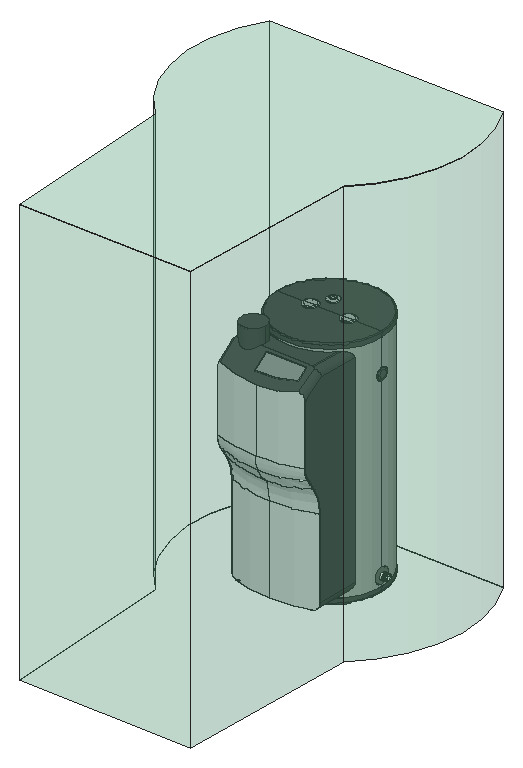
Revit family "Innovo FR_IR 24 285 FR NAT", category Mechanical Equipment, Revit 2015
Parameters (values of type "IR-24-285 FR NAT")
  largeur d'emballage = 786 mm  # constant formula
  l'Intervalle d'Entretien = "12 mois"  # constant formula
  Workspace Radius = Diameter + 170 mm  # 730 mm
  Workspace Height = Hauteur + 1000 mm  # 2270 mm
  Workspace Front Distance = 1000 mm
  Workspace [instance] = yes
  Valve Height 02 = if(and(Hauteur = 1745 mm, Diameter = 675 mm), 1518 mm, if(and(Hauteur = 1745 mm, Diameter = 610 mm), 1534 mm, if(Hauteur = 1545 mm, 1328 mm, 1070 mm)))  # 1070 mm
  Valve Height 01 = if(and(Diameter > 560 mm), 693 mm, 604 mm)  # 604 mm
  Valeur Maximale du Thermostat de Régulation = 85 °C  # constant formula
  Valeur Manimale du Thermostat de Régulation = 40 °C  # constant formula
  Valeur Défaut du Thermostat de Régulation = 65 °C  # constant formula
  URL = "www.aosmith.fr"
  Type d'Installation = "B23/C13/C33/C43/C53/C63"  # constant formula
  Type d'emballage = "Carton et bois"  # constant formula
  Tension d'Alimentation (-15%, +10%) = 230 V  # constant formula
  Température Maximale des Fumées = 45 °C
  Temps de réchauffement à ΔT = 70°C = "42"
  Temps de réchauffement à ΔT = 55°C = "34"
  Temps de réchauffement à ΔT = 50°C = "31"
  Temps de réchauffement à ΔT = 44°C = "27"
  Temps de réchauffement à ΔT = 28°C = "17"
  Spécifications du Produit = ""
  Réglages du thermostat du chauffe-eau = 65 °C  # constant formula
  Réglage Standard Pour = "G20/G25"
  Rendement Saisonnier (Hs) = [Rendement (Hs, acc. NEN-EN 89 - 1999)]  # 96
  Rendement (Hs, acc. NEN-EN 89 - 1999) = 96
  Rendement (Hi, acc. NEN-EN 89 - 1999) = 107
  Raccord Évacuation de la Condensation = 40 mm  # constant formula
  Raccord de la Soupape de Vidange = 3/4"
  Raccord de Sortie d'Eau Chaude = 3/4"
  Raccord de Gaz = 15"  # constant formula
  Raccord d'Alimentation en Eau Froide = 3/4"  # constant formula
  Raccord Robinet de Vidange = 3/4"  # constant formula
  Puissance Électrique Absorbée (sommet) = 85 W
  Puissance Électrique Absorbée (nominal) = 25 W
  Profondeur d'emballage = 946 mm  # constant formula
  Profondeur = 780 mm  # constant formula
  Profils de soutirage déclaré = "XL"
  Production Nominale = "11700.0/11300.0"
  Pression de Fonctionnement Maximale = 800000.0 Pa  # constant formula
  Pression Différentielle d'Ouverture de l'Interrupteur de Pression < = 115.0 Pa
  Pression Amont de Gaz = "2000/2500 Pa"
  Precaustions during assembling, installation or maintenance = "voir Manuel d'installation, d'emploi er d'entretien"  # constant formula
  Poids à vide = 95 kg
  Poids de Transport = 114 kg
  Phase = 1
  Pertes en Veille - tous les jours (24h) = 0 W
  Pertes en Veille = 0 W
  Nombre de modèle du produit (EAN) = "8717449285913"
  Niveau du Son dB (A) = "<45"  # constant formula
  Niveau de puissance acoustique à l'intérieur = "41 dB"
  NOx-émissions mg/kWh = "22.0/23.0"
  NOx-émissions (ven air, 0% O2) ppm = "14.0/14.0"
  Modèdele = "IR-12-160"
  Model = "IR-12-160 FR NAT"
  Marque commerciale = "A.O. Smith"  # constant formula
  Manufacturer = "A.O. Smith Water Products Company b.v."  # constant formula
  Largeur = Diameter  # 560 mm
  La commande intelligente = no
  L'efficacité énergétique pour le chauffage de l'eau (2) = "-"
  L'efficacité énergétique pour le chauffage de l'eau (1) = "92%"
  Hauteur du Raccordement au Gaz = 860 mm
  Hauteur de la Sortie d'eau Chaude = 1270 mm
  Hauteur de l'Alimentation en eau Froide = 170 mm
  Hauteur d'emballage = 1465 mm
  Hauteur Conduit d'Évacuation des Fumées = 1295 mm
  Hauteur Conduit d'Alimentation en Air = 1295 mm
  Hauteur = 1270 mm
  Guide de Produit = ""
  Garantie sur la Cuve = "36 mois"  # constant formula
  Garantie Pièces = "12 mois"  # constant formula
  Fréquence secteur = 50 Hz  # constant formula
  Forctionner qu'en heures creuses = no
  Fabricant No. = "E 7110"  # constant formula
  Epaisseur d'Isolation = 50 mm
  Débit de vidage à ΔT = 70°C après 90 min. = 270.0 L
  Débit de vidage à ΔT = 70°C après 60 min. = 200.0 L
  Débit de vidage à ΔT = 70°C après 30 min. = 120.0 L
  Débit de vidage à ΔT = 70°C après 120 min. = 340.0 L
  Débit de vidage à ΔT = 55°C après 90 min. = 370.0 L
  Débit de vidage à ΔT = 55°C après 60 min. = 270.0 L
  Débit de vidage à ΔT = 55°C après 30 min. = 180.0 L
  Débit de vidage à ΔT = 55°C après 120 min. = 460.0 L
  Débit de vidage à ΔT = 50°C après 90 min. = 410.0 L
  Débit de vidage à ΔT = 50°C après 60 min. = 310.0 L
  Débit de vidage à ΔT = 50°C après 30 min. = 210.0 L
  Débit de vidage à ΔT = 50°C après 120 min. = 510.0 L
  Débit de vidage à ΔT = 44°C après 90 min. = 480.0 L
  Débit de vidage à ΔT = 44°C après 60 min. = 360.0 L
  Débit de vidage à ΔT = 44°C après 30 min. = 250.0 L
  Débit de vidage à ΔT = 44°C après 120 min. = 590.0 L
  Débit de vidage à ΔT = 28°C après 90 min. = 780.0 L
  Débit de vidage à ΔT = 28°C après 60 min. = 600.0 L
  Débit de vidage à ΔT = 28°C après 30 min. = 420.0 L
  Débit de vidage à ΔT = 28°C après 120 min. = 960.0 L
  Débit de vidage en Continu à ΔT = 70°C = 150.0 L/s
  Débit de vidage en Continu à ΔT = 55°C = 190.0 L/s
  Débit de vidage en Continu à ΔT = 50°C = 200.0 L/s
  Débit de vidage en Continu à ΔT = 44°C = 230.0 L/s
  Débit de vidage en Continu à ΔT = 28°C = 360.0 L/s
  Diamètre Cheminée - Système Parallèle = "2x80"  # constant formula
  Diamètre Cheminée - Système Concentrique = "80/125 mm/mm"  # constant formula
  Diamètre Cheminée - Boiler = "80/125 mm/mm"  # constant formula
  Diameter = 560 mm
  Destination / Country = "France"  # constant formula
  Description = "Préparateur ECS Solaire en Combinaison avec Réservoir de Stockage"  # constant formula
  D'autres profils de soutirage = "-"
  Created By = "http://www.cadcompany.nl/"
  Consommation de Gaz - Volume ltr/hr = "1.20/1.30"
  Consommation de Gaz - Masse kg/h = "a/p"
  Class d'efficacité énergétique (2) = "-"
  Class d'efficacité énergétique (1) = "A"  # constant formula
  Charge Nominale (Valeur Supérieure) = "12100.0/12100.0"
  Charge Nominale (Valeur Inférieure) = "10900.0/10600.0"
  Charge Maximale au Sol = 274 kg
  Catégorie de Gaz = "II2Esi3P"  # constant formula
  Capacité = 160.0 L
  CO2 Émissions (tol. +/- 1.0) vol% = "9.3/9.3"
  CE-PIN = "0063CQ3037"  # constant formula
  BIM Content Developer = "CAD & Company"  # constant formula
  Assembly Code = "D3010"
  Annual fuel consumption (2) = "-"
  Annual fuel consumption (1) = "16 GJ GCV"
  Annual electricity consumption (2) = "-"
  Annual electricity consumption (1) = "38 kWh"
  2ème Entretien (Entretien Général) = "12 mois après l'installation"  # constant formula
  1er Entretien (check-up) = "3 mois après l'installation"  # constant formula
Reference planes
  plane 1 "Center (Front/Back)": y = 0
  plane 2: z = 0
  plane 3 "Center (Left/Right)": x = 0
  plane 4 "Pipe": through (-383.901, 912.349, 194.799) normal (-0.0879, -0.0879, 0.9923)
  plane 5 "footing": y = 118.925
  plane 6 "footing front": y = -237.85
  plane 7: x = -280
  plane 8: x = 280
  plane 9: z = 1270
Forms (mm)
  Revolve 1, solid, material "RAL 9005", detail levels medium+fine
    sketch origin (0, -237.85, 0) x (-1, 0, 0) y (0, 0, 1)
      loop
        line (0, 28.9) -> (-15, 28.9) -> (-15, 26.4) -> (-8.671, 26.4) -> (-8.671, 18) -> (-5.686, 18) -> (-6.626, 17.06) -> (-6.626, 12.06) -> (-8.671, 12.06) -> (-8.671, 10) -> (-10.031, 10) -> (-23.271, 5.181)
        arc (-23.271, 5.181) -> (-23.763, 4.836) -> (-24.017, 4.293) r 1.159
        line (-24.017, 4.293) -> (-24.017, 1.03)
        arc (-24.017, 1.03) -> (-23.715, 0.302) -> (-22.986, 0) r 1.03
        line (-22.986, 0) -> (0, 0) -> (0, 28.9)
      axis (0, 28.9) -> (0, 0)
    angle from 0 to 360
  Revolve 2, solid, material "RAL 9005", detail levels medium+fine
    sketch origin (0, 118.925, 0) x (-1, 0, 0) y (0, 0, 1)
      loop
        line (-180.984, 28.9) -> (-195.984, 28.9) -> (-195.984, 26.4) -> (-189.655, 26.4) -> (-189.655, 18) -> (-186.67, 18) -> (-187.61, 17.06) -> (-187.61, 12.06) -> (-189.655, 12.06) -> (-189.655, 10) -> (-191.015, 10) -> (-204.256, 5.181)
        arc (-204.256, 5.181) -> (-204.747, 4.836) -> (-205.001, 4.293) r 1.159
        line (-205.001, 4.293) -> (-205.001, 1.03)
        arc (-205.001, 1.03) -> (-204.699, 0.302) -> (-203.971, 0) r 1.03
        line (-203.971, 0) -> (-180.984, 0) -> (-180.984, 28.9)
      axis (-180.984, 28.9) -> (-180.984, 0)
    angle from 0 to 360
  Revolve 3, solid, material "RAL 9005", detail levels medium+fine
    sketch origin (0, 118.925, 0) x (-1, 0, 0) y (0, 0, 1)
      loop
        line (179.016, 28.9) -> (164.016, 28.9) -> (164.016, 26.4) -> (170.345, 26.4) -> (170.345, 18) -> (173.33, 18) -> (172.39, 17.06) -> (172.39, 12.06) -> (170.345, 12.06) -> (170.345, 10) -> (168.985, 10) -> (155.744, 5.181)
        arc (155.744, 5.181) -> (155.253, 4.836) -> (154.999, 4.293) r 1.159
        line (154.999, 4.293) -> (154.999, 1.03)
        arc (154.999, 1.03) -> (155.301, 0.302) -> (156.029, 0) r 1.03
        line (156.029, 0) -> (179.016, 0) -> (179.016, 28.9)
      axis (179.016, 28.9) -> (179.016, 0)
    angle from 0 to 360
Lines and regions (mm)
  symbolic lines
    curve 1: line (0, 280.06, 0) -> (0, -280.06, 0)
    curve 2: line (-255.06, 0, 0) -> (255.06, 0, 0)
  symbolic lines, style "Workspace"
    curve 3: line (623.261, 380.06, 0) -> (-623.261, 380.06, 0)
    curve 4: arc (-623.261, 380.06, 0) -> (-726.942, -66.745, 0) -> (-543.632, -487.2, 0) r 730
    curve 5: line (-543.632, -487.2, 0) -> (-396.783, -1492.825, 0)
    curve 6: line (-396.783, -1492.825, 0) -> (399.03, -1492.825, 0)
    curve 7: line (399.03, -1492.825, 0) -> (545.76, -484.816, 0)
    curve 8: arc (545.76, -484.816, 0) -> (727.087, -65.154, 0) -> (623.261, 380.06, 0) r 730
Dimensions and locks
  plane 5 "footing" to plane 1 "Center (Front/Back)" = 118.925 mm
  plane 1 "Center (Front/Back)" to plane 6 "footing front" = 237.85 mm
  "Diameter": plane 7 to plane 8
  equal spacing: plane 7, plane 3 "Center (Left/Right)", plane 8
  "Hauteur": plane 9 to plane 2
  "Workspace Front Distance": curve 6 to nested 3
  "Workspace Radius": radius of curve 4
  "Workspace Radius": radius of curve 8
  aligned and locked: level to plane 2
  aligned and locked: nested 3 to Revolve 1 sketch curve
  aligned and locked: plane 3 "Center (Left/Right)" to Revolve 1 sketch curve
  aligned and locked: nested 3 to plane 1 "Center (Front/Back)"
  aligned and locked: plane 3 "Center (Left/Right)" to nested 3
  aligned and locked: nested 1 to plane 8
  aligned and locked: nested 5 to plane 8
  aligned and locked: nested 2 to plane 7
  aligned and locked: nested 4 to plane 7
  aligned and locked: nested 7 to plane 7
  aligned and locked: nested 8 to plane 3 "Center (Left/Right)"
  aligned and locked: nested 8 to nested 3
  aligned and locked: curve 3 to nested 8
Automatic sketch dimensions
  Revolve 1 sketch curve to level = 0 mm
  plane 3 "Center (Left/Right)" to Revolve 1 sketch curve = 5.686 mm
  Revolve 1 sketch curve to Revolve 1 sketch curve = 0.94 mm  (x2)
  Revolve 1 sketch curve to Revolve 1 sketch curve = 2.046 mm  (x2)
  Revolve 1 sketch curve to Revolve 1 sketch curve = 1.359 mm
  Revolve 1 sketch curve to Revolve 1 sketch curve = 6.329 mm
  level to Revolve 1 sketch curve = 4.091 mm
  Revolve 1 sketch curve to Revolve 1 sketch curve = 12.844 mm
  level to Revolve 1 sketch curve = 1.03 mm
  Revolve 1 sketch curve to Revolve 1 sketch curve = 0.111 mm
  level to Revolve 1 sketch curve = 5.181 mm
  Revolve 1 sketch curve to Revolve 1 sketch curve = 0.745 mm
  level to Revolve 1 sketch curve = 10 mm
  Revolve 1 sketch curve to Revolve 1 sketch curve = 2.06 mm
  Revolve 1 sketch curve to Revolve 1 sketch curve = 5 mm
  Revolve 1 sketch curve to Revolve 1 sketch curve = 8.4 mm
  Revolve 1 sketch curve to Revolve 1 sketch curve = 2.5 mm
  Revolve 1 sketch curve to level = 19.635 mm
  Revolve 1 sketch curve to Revolve 1 sketch curve = 46.465 mm
  Revolve 2 sketch curve to level = 0 mm
  level to Revolve 2 sketch curve = 1.03 mm
  Revolve 2 sketch curve to plane 8 = 74.999 mm
  level to Revolve 2 sketch curve = 5.181 mm
  Revolve 2 sketch curve to Revolve 2 sketch curve = 0.745 mm
  Revolve 2 sketch curve to Revolve 2 sketch curve = 0.397 mm
  Revolve 2 sketch curve to Revolve 2 sketch curve = 8.271 mm
  Revolve 2 sketch curve to Revolve 2 sketch curve = 13.241 mm
  Revolve 2 sketch curve to Revolve 2 sketch curve = 1.359 mm
  Revolve 2 sketch curve to Revolve 2 sketch curve = 6.329 mm
  Revolve 2 sketch curve to Revolve 2 sketch curve = 2.046 mm
  level to Revolve 2 sketch curve = 18 mm
  Revolve 2 sketch curve to Revolve 2 sketch curve = 0.94 mm  (x2)
  Revolve 2 sketch curve to Revolve 2 sketch curve = 8.671 mm
  Revolve 2 sketch curve to Revolve 2 sketch curve = 1.089 mm
  Revolve 2 sketch curve to Revolve 2 sketch curve = 8 mm
  Revolve 2 sketch curve to Revolve 2 sketch curve = 2.06 mm
  Revolve 2 sketch curve to Revolve 2 sketch curve = 8.4 mm
  Revolve 2 sketch curve to Revolve 2 sketch curve = 2.5 mm
  Revolve 2 sketch curve to Revolve 2 sketch curve = 0 mm
  Revolve 2 sketch curve to level = 19.635 mm
  Revolve 2 sketch curve to Revolve 2 sketch curve = 46.465 mm
  Revolve 3 sketch curve to level = 0 mm
  level to Revolve 3 sketch curve = 1.03 mm
  Revolve 3 sketch curve to plane 7 = 125.001 mm
  level to Revolve 3 sketch curve = 5.181 mm
  Revolve 3 sketch curve to Revolve 3 sketch curve = 0.745 mm
  Revolve 3 sketch curve to Revolve 3 sketch curve = 0.397 mm
  Revolve 3 sketch curve to Revolve 3 sketch curve = 8.271 mm
  Revolve 3 sketch curve to Revolve 3 sketch curve = 13.241 mm
  Revolve 3 sketch curve to Revolve 3 sketch curve = 1.359 mm
  Revolve 3 sketch curve to Revolve 3 sketch curve = 6.329 mm
  Revolve 3 sketch curve to Revolve 3 sketch curve = 2.046 mm
  level to Revolve 3 sketch curve = 18 mm
  Revolve 3 sketch curve to Revolve 3 sketch curve = 0.94 mm  (x2)
  Revolve 3 sketch curve to Revolve 3 sketch curve = 8.671 mm
  Revolve 3 sketch curve to Revolve 3 sketch curve = 1.089 mm
  Revolve 3 sketch curve to Revolve 3 sketch curve = 8 mm
  Revolve 3 sketch curve to Revolve 3 sketch curve = 2.06 mm
  Revolve 3 sketch curve to Revolve 3 sketch curve = 8.4 mm
  Revolve 3 sketch curve to Revolve 3 sketch curve = 2.5 mm
  Revolve 3 sketch curve to Revolve 3 sketch curve = 0 mm
  Revolve 3 sketch curve to level = 19.635 mm
  Revolve 3 sketch curve to Revolve 3 sketch curve = 46.465 mm
  curve 4 to curve 8 = 0 mm  (x2)
  plane 1 "Center (Front/Back)" to curve 2 = 0 mm
  curve 1 to plane 3 "Center (Left/Right)" = 0 mm
  plane 1 "Center (Front/Back)" to curve 4 = 0 mm
  curve 4 to plane 3 "Center (Left/Right)" = 0 mm
  curve 5 to plane 6 "footing front" = 249.35 mm
  plane 7 to curve 5 = 116.783 mm
  plane 8 to curve 7 = 119.03 mm
  curve 7 to plane 6 "footing front" = 246.966 mm
  curve 2 to plane 7 = 24.94 mm
  curve 2 to plane 8 = 24.94 mm
  curve 1 to plane 6 "footing front" = 42.21 mm
  plane 5 "footing" to curve 1 = 161.135 mm
Nested families
  nested 1: "Valve" at (280, -0.38, 1070) x (0, 1, 0) z (0, 0, 1), built-in parameter 1001364 <- "Valve Height 02", type "Valve"
  nested 2: "Drain Valve" at (-280, 0, 1070), built-in parameter 1001364 <- "Valve Height 02", type "Drain Valve"
  nested 3: "Housing Mother Housing S 57 (external)" at (0, -274.886, 0), type "Housing Mother_Housing S_57"
  nested 4: "Drain Valve" at (-280, 0, 177), type "Drain Valve"
  nested 5: "Drain Valve" at (280, 0, 107) x (-1, 0, 0) z (0, 0, 1), type "Drain Valve"
  nested 6: "Boiler" at (0, 0, 0), height <- "Hauteur", type "Boiler"
    with height 1270 mm
  nested 7: "Drain Valve" at (-280, 0, 604), built-in parameter 1001364 <- "Valve Height 01", type "Drain Valve"
  nested 8: "Innovo_workspace" at (0, 0, 0), Workspace Distance Front <- "Workspace Front Distance", Workspace <- "Workspace", Workspace Height <- "Workspace Height", Workspace Radius <- "Workspace Radius", type "Workspace"
    with Workspace Radius 730 mm, Workspace Height 2270 mm, Workspace Distance Front 1000 mm, Workspace yes, Center to Front 492.825 mm
Connectors
  piping at (314.826, 0, 107), diameter 19.05, driven by "Raccord Robinet de Vidange"
    settings: on nested 5, index 1, connector inside diameter 24", connector length 0 mm, flow factor 0, pipe flow 0.0 L/s, pressure drop 0.0 Pa, fitting loss kfactor 0, connector angle 0.00°, fixture units 0, engagement length 0 mm, angle of deflection 0.00°, flow configuration 0, flow direction 0, fitting loss method 0, system type 19, joint type 0, gender type 0, connector reference index -1, connector utility 0, adjustable connector no, is connector primary yes, connector description ""
  hvac at (-147.013, -321.326, 1310.674)
    settings: on nested 3, index 2, duct flow 0.0 L/s, flow factor 0, pres drop 0.0 Pa, loss coef 0, conn angle 0.00°, conn width 304.8 mm, conn height 304.8 mm, conn diameter 125 mm, duct sys type 4, conn prof type 0, flow config 0, flow direction 0, loss method 0, conn ref index -1, conn util no, is conn primary yes, conn desc ""
Definition of nested family "Valve"
  Parameters (values of type "Valve")
    Type Comments = "T&P valve (internal)"
    Manufacturer = "A.O. Smith"
  Reference planes
    plane 1 "Center (Front/Back)": y = 0
    plane 2: z = 0
    plane 3 "Center (Left/Right)": x = 0
  Forms (mm)
    Extrusion 1, solid, detail levels fine
      sketch origin (0, 0, 0) x (1, 0, 0) y (0, 0, 1)
        loop
          circle (0, 0) r 31.5
      from -2.271 to 1.4
    Sweep 2, solid, detail levels fine
      path origin (0, -1.4, 0) x (1, 0, 0) y (0, 0, 1)
        loop
          circle (0, 0) r 31.5
      profile origin (0, -1.4, 31.5) x (0, 0, -1) y (0, -1, 0)
        loop
          line (7.3, 0) -> (7.3, 3) -> (0, 0) -> (7.3, 0)
  Dimensions and locks
    aligned and locked: level to plane 2
Definition of nested family "Drain Valve"
  Reference planes
    plane 1 "Center (Front/Back)": y = 0
    plane 2: z = 0
    plane 3 "Center (Left/Right)": x = 0
  Forms (mm)
    Revolve 1, solid, detail levels medium+fine
      sketch origin (0, 0, 0) x (1, 0, 0) y (0, 0, 1)
        loop
          line (-33.442, 15.696) -> (-34.826, 14.329) -> (-34.93, 12.731) -> (-16.555, 12.731) -> (-16.555, 0) -> (15.787, 0) -> (15.787, 18.3) -> (-14.4, 18.3) -> (-17.148, 15.533) -> (-18.729, 16.697) -> (-20.091, 15.333) -> (-21.672, 16.496) -> (-23.034, 15.133) -> (-24.614, 16.296) -> (-25.976, 14.932) -> (-27.557, 16.096) -> (-28.919, 14.732) -> (-30.5, 15.896) -> (-31.862, 14.532) -> (-33.442, 15.696)
        axis (-34.93, 0) -> (15.787, 0)
      angle from 0 to 360
  Dimensions and locks
    aligned and locked: level to plane 2
  Nested families
    nested 1: "Rubber sealing" at (2.592, -0.155, 0) x (0.0023, -1, 0) z (0, 0, 1), type "Rubber sealing", detail levels fine
  Definition of nested family "Rubber sealing"
    Reference planes
      plane 1 "Center (Front/Back)": y = 0
      plane 2: z = 0
      plane 3 "Center (Left/Right)": x = 0
    Forms (mm)
      Extrusion 1, solid, detail levels fine
        sketch origin (141.861, 319.581, 0) x (1, 0, 0) y (0, 1, 0)
          loop
            line (-216.354, -311.898) -> (-216.354, -313.94)
            arc (-216.354, -313.94) -> (-141.602, -321.581) -> (-66.861, -313.835) r 366.966
            line (-66.861, -313.835) -> (-66.861, -311.791)
            arc (-66.861, -311.791) -> (-141.602, -319.581) -> (-216.354, -311.898) r 364.966
        from -80 to 80
      Extrusion 2, void
        sketch origin (141.861, 319.581, 0) x (1, 0, 0) y (0, 0, 1)
          loop
            circle (-141.861, 0) r 13
          loop
            circle (-141.861, 0) r 110
          loop
            circle (-141.861, 0) r 40
        from 311.563 to 332.684
      Extrusion 3, void
        sketch origin (141.861, 319.581, 0) x (1, 0, 0) y (0, 0, 1)
          loop
            circle (-141.861, 0) r 18.25
        from 315.524 to 326.084
    Cuts and joins
      Extrusion 2, Extrusion 3 cuts Extrusion 1
    Dimensions and locks
      aligned and locked: level to plane 2
Definition of nested family "Housing Mother Housing S 57 (external)"
  Parameters (values of type "Housing Mother_Housing S_57")
    radius [instance] = 280 mm
    distance to boiler center = if(diameter = 675 mm, 189 mm, if(diameter = 610 mm, 154 mm, 129 mm))  # 129 mm
    diameter = 560 mm
  Reference planes
    plane 1 "Center (Front/Back)": y = 0
    plane 2: z = 0
    plane 3 "Center (Left/Right)": x = 0
    plane 4 "left": through (-245.286, 145.886, 1200) normal (0.9994, 0.0349, 0)
    plane 5: y = -217.939
    plane 6: y = 145.886
    plane 7: z = 1232.6
    plane 8: z = 65.89
    plane 9 "right": through (245.286, 145.886, 1200) normal (0.9994, -0.0349, 0)
    plane 10 "display": through (0, -90.37, 1221.196) normal (0, -0.5736, 0.8192)
    plane 11 "Potentiostat": z = 867.899
    plane 12 "boiler center": y = 274.886
    plane 13: x = -280
    plane 14: x = 280
  Forms (mm)
    Extrusion 1, solid
      sketch origin (0, 0, 0) x (1, 0, 0) y (0, 1, 0)
        loop
          line (-245.286, 145.886) -> (-232.581, -217.939) -> (232.581, -217.939) -> (245.286, 145.886)
          arc (245.286, 145.886) -> (0, 0.923) -> (-245.286, 145.886) r 280
      from 0 to 1232.6
    Sweep 2, void
      path origin (0, 0, 0) x (0, 1, 0) y (0, 0, 1)
        loop
          line (-217.939, 1232.6) -> (-217.939, 795.555)
          arc (-217.939, 795.555) -> (-212.387, 754.285) -> (-197.694, 715.322) r 183.924
          arc (-197.694, 715.322) -> (-179.915, 684.628) -> (-159.106, 655.901) r 348.284
          arc (-159.106, 655.901) -> (-131.411, 600.328) -> (-121.88, 538.973) r 202.254
          line (-121.88, 538.973) -> (-121.88, 61.106)
      profile origin (0, -217.939, 1014.077) x (1, 0, 0) y (0, 1, 0)
        loop
          arc (0, 0) -> (-117.533, 9.941) -> (-231.728, 39.475) r 699.984
          arc (-231.728, 39.475) -> (-233.391, 40.705) -> (-234.07, 42.659) r 3.505
          line (-234.07, 42.659) -> (-254.062, 42.659) -> (-254.062, -142.593) -> (254.07, -142.593) -> (254.07, 42.659) -> (234.07, 42.659)
          arc (234.07, 42.659) -> (233.391, 40.705) -> (231.728, 39.475) r 3.505
          arc (231.728, 39.475) -> (117.533, 9.941) -> (0, 0) r 699.984
    Extrusion 3, void
      sketch origin (0, 0, 0) x (0, 1, 0) y (0, 0, 1)
        loop
          arc (102.864, 70.869) -> (99.804, 70.709) -> (96.874, 69.813) r 12.57
          arc (96.874, 69.813) -> (87.878, 66.533) -> (78.516, 64.529) r 69.114
          arc (78.516, 64.529) -> (76.41, 64.284) -> (74.294, 64.148) r 41.206
          arc (74.294, 64.148) -> (65.203, 64.335) -> (56.122, 64.782) r 318.661
          arc (56.122, 64.782) -> (30.585, 66.179) -> (5.028, 67.128) r 1456.581
          line (5.028, 67.128) -> (-84.534, 73.135)
          arc (-84.534, 73.135) -> (-86.363, 73.808) -> (-87.536, 75.365) r 3.455
          line (-87.536, 75.365) -> (-264.473, 75.365) -> (-264.473, 0) -> (160.886, 0) -> (160.886, 103.945) -> (145.886, 103.945)
          arc (145.886, 103.945) -> (145.104, 97.827) -> (142.923, 92.059) r 26.364
          arc (142.923, 92.059) -> (141.067, 88.936) -> (138.867, 86.045) r 31.715
          arc (138.867, 86.045) -> (135.576, 82.49) -> (132.021, 79.2) r 62.615
          arc (132.021, 79.2) -> (125.841, 74.697) -> (119.091, 71.103) r 54.444
          arc (119.091, 71.103) -> (116.371, 70.272) -> (113.531, 70.123) r 11.669
          line (113.531, 70.123) -> (102.864, 70.869)
      from -254.062 to 254.07
    Sweep 4, void
      path origin (0, 0, 0) x (1, 0, 0) y (0, 1, 0)
        loop
          line (-245.286, 145.886) -> (-232.581, -217.939)
      profile origin (-238.933, -36.027, 0) x (0.999391, 0.034899, 0) y (0, 0, 1)
        loop
          line (-4.454, 0) -> (47.084, 0) -> (47.084, 73.431)
          arc (47.084, 73.431) -> (14.222, 85.134) -> (0.255, 117.1) r 43.922
          line (0.255, 117.1) -> (-4.454, 117.1) -> (-4.454, 0)
    Sweep 5, void
      path origin (0, 0, 0) x (-1, 0, 0) y (0, 1, 0)
        loop
          line (-245.286, 145.886) -> (-232.581, -217.939)
      profile origin (238.933, -36.027, 0) x (0.999391, -0.034899, 0) y (0, 0, 1)
        loop
          line (4.454, 0) -> (4.454, 117.1) -> (-0.255, 117.1)
          arc (-0.255, 117.1) -> (-14.222, 85.134) -> (-47.084, 73.431) r 43.922
          line (-47.084, 73.431) -> (-47.084, 0) -> (4.454, 0)
    Sweep 6, void
      path origin (-239.899, -8.377, 0) x (-0.034899, 0.999391, 0) y (0, 0, 1)
        loop
          line (-209.69, 1141.272) -> (-79.18, 1232.6) -> (154.358, 1232.6)
      profile origin (-241.211, 29.188, 1232.6) x (0, 0, 1) y (0.999391, 0.034899, 0)
        loop
          line (-45, -30) -> (75, -30) -> (75, 0) -> (75, 55) -> (2.799, 55) -> (-1.253, 35.128)
          arc (-1.253, 35.128) -> (-16.771, 9.564) -> (-45, -0.308) r 44.287
          line (-45, -0.308) -> (-45, -30)
    Sweep 7, void
      path origin (239.899, -8.377, 0) x (0.034899, 0.999391, 0) y (0, 0, 1)
        loop
          line (-209.69, 1141.272) -> (-79.18, 1232.6) -> (154.358, 1232.6)
      profile origin (241.211, 29.188, 1232.6) x (0, 0, -1) y (-0.999391, 0.034899, 0)
        loop
          line (-75, -25) -> (45, -25) -> (45, -0.308)
          arc (45, -0.308) -> (16.771, 9.564) -> (1.253, 35.128) r 44.287
          line (1.253, 35.128) -> (-2.799, 55) -> (-75, 55) -> (-75, -25)
    Extrusion 8, void
      sketch origin (0, 0, 0) x (0, 1, 0) y (0, 0, 1)
        loop
          line (-270, 1336.099) -> (-270, 1099.081) -> (68.497, 1336.099) -> (-270, 1336.099)
      from -425.038 to 444.42
    Extrusion 9, solid, detail levels medium+fine
      sketch origin (0, 0, 0) x (1, 0, 0) y (0, 1, 0)
        loop
          circle (-147.013, -46.44) r 65
      from 1163.174 to 1310.674
    Extrusion 10, void
      sketch origin (0, -603.506, 861.895) x (0, 0.819152, 0.573576) y (-1, 0, 0)
        loop
          arc (618.322, -173) -> (623.272, -170.95) -> (625.322, -166) r 7
          line (625.322, -166) -> (625.322, 35)
          arc (625.322, 35) -> (623.272, 39.95) -> (618.322, 42) r 7
          line (618.322, 42) -> (535.473, 42)
          arc (535.473, 42) -> (530.688, 40.11) -> (528.488, 35.46) r 7
          arc (528.488, 35.46) -> (531.569, -67.592) -> (554.18, -168.18) r 540
          arc (554.18, -168.18) -> (556.724, -171.668) -> (560.831, -173) r 7
          line (560.831, -173) -> (618.322, -173)
      from 0 to 137.286
    Sweep 11, solid, detail levels fine
      path origin (0, 0, 867.899) x (-1, 0, 0) y (0, -1, 0)
        loop
          line (309.749, -35.617) -> (204.371, -35.617)
          arc (204.371, -35.617) -> (196.509, -34.687) -> (189.082, -31.947) r 33.677
          line (189.082, -31.947) -> (-9.574, 69.274)
      profile origin (-257.06, 35.617, 867.899) x (0, 1, 0) y (0, 0, 1)
        loop
          circle (0, 0) r 7.316
        loop
          circle (0, 0) r 6.465
    Revolve 12, void
      sketch origin (0, 274.886, 0) x (-1, 0, 0) y (0, 0, 1)
        loop
          line (280, 1243.838) -> (0, 1243.838) -> (0, 54.9) -> (280, 54.9) -> (280, 1243.838)
        axis (0, 1243.838) -> (0, 54.9)
      angle from 0 to 360
  Cuts and joins
    Sweep 2, Extrusion 3, Sweep 4, Sweep 5, Sweep 6, Sweep 7, Extrusion 8, Extrusion 10, Revolve 12 cuts Extrusion 1
  Dimensions and locks
    plane 8 to plane 2 = 65.89 mm
    plane 7 to plane 8 = 1166.71 mm
    "distance to boiler center": plane 12 "boiler center" to plane 6
    "diameter": plane 14 to plane 13
    equal spacing: plane 14, plane 3 "Center (Left/Right)", plane 13
    "radius": plane 3 "Center (Left/Right)" to plane 13
    aligned and locked: level to plane 2
    aligned and locked: Extrusion 1 to plane 7
    aligned and locked: Extrusion 1 sketch curve to plane 5
    aligned and locked: Sweep 2 to Extrusion 3
    aligned and locked: Extrusion 3 to Sweep 2  (x2)
    aligned and locked: plane 7 to Sweep 2 sketch curve
    aligned and locked: plane 3 "Center (Left/Right)" to Revolve 12 sketch curve
    aligned and locked: Revolve 12 sketch curve to plane 3 "Center (Left/Right)"
    aligned and locked: plane 13 to Revolve 12 sketch curve
  Automatic sketch dimensions
    Extrusion 1 sketch curve to plane 4 "left" = 0 mm  (x2)
    Extrusion 1 sketch curve to plane 6 = 0 mm  (x2)
    Extrusion 1 sketch curve to plane 3 "Center (Left/Right)" = 0 mm
    Extrusion 1 sketch curve to plane 9 "right" = 0 mm
    plane 6 to Extrusion 1 sketch curve = 135.037 mm
    Sweep 2 sketch curve to plane 5 = 0 mm
    plane 5 to Sweep 2 sketch curve = 106.195 mm
    Sweep 2 sketch curve to plane 5 = 96.059 mm
    plane 1 "Center (Front/Back)" to Sweep 2 sketch curve = 34.053 mm
    plane 11 "Potentiostat" to Sweep 2 sketch curve = 6.417 mm
    Sweep 2 sketch curve to plane 6 = 33.705 mm
    Sweep 2 sketch curve to plane 11 "Potentiostat" = 68.615 mm
    Sweep 2 sketch curve to plane 11 "Potentiostat" = 72.345 mm
    Sweep 2 sketch curve to Sweep 2 sketch curve = 176.349 mm
    Sweep 2 sketch curve to Sweep 2 sketch curve = 0 mm  (x2)
    plane 8 to Sweep 2 sketch curve = 4.784 mm
    Extrusion 3 sketch curve to level = 0 mm
    Extrusion 3 sketch curve to plane 6 = 0 mm
    Extrusion 3 sketch curve to plane 6 = 26.363 mm
    Extrusion 3 sketch curve to Extrusion 3 sketch curve = 4.75 mm
    Extrusion 3 sketch curve to Extrusion 3 sketch curve = 5.179 mm
    Extrusion 3 sketch curve to plane 8 = 4.232 mm
    Extrusion 3 sketch curve to Extrusion 3 sketch curve = 0.814 mm
    Extrusion 3 sketch curve to plane 8 = 4.978 mm
    Extrusion 3 sketch curve to Extrusion 3 sketch curve = 10.667 mm
    Extrusion 3 sketch curve to Extrusion 3 sketch curve = 0.877 mm
    Extrusion 3 sketch curve to Extrusion 3 sketch curve = 17.827 mm
    Extrusion 3 sketch curve to Extrusion 3 sketch curve = 5.646 mm
    Extrusion 3 sketch curve to plane 6 = 69.562 mm
    Extrusion 3 sketch curve to Extrusion 3 sketch curve = 18.6 mm
    Extrusion 3 sketch curve to Extrusion 3 sketch curve = 22.538 mm
    Extrusion 3 sketch curve to plane 8 = 1.238 mm
    Extrusion 3 sketch curve to plane 1 "Center (Front/Back)" = 5.028 mm
    plane 1 "Center (Front/Back)" to Extrusion 3 sketch curve = 36.224 mm
    Extrusion 3 sketch curve to plane 8 = 10.692 mm
    plane 1 "Center (Front/Back)" to Extrusion 3 sketch curve = 84.302 mm
    Extrusion 3 sketch curve to plane 8 = 7.244 mm
    Extrusion 3 sketch curve to Extrusion 3 sketch curve = 0.231 mm
    Extrusion 3 sketch curve to Extrusion 3 sketch curve = 3.234 mm
    plane 5 to Extrusion 3 sketch curve = 46.534 mm
    plane 6 to Extrusion 3 sketch curve = 15 mm
    Extrusion 3 sketch curve to level = 1388.869 mm
    plane 8 to Extrusion 3 sketch curve = 7.561 mm
    Extrusion 3 sketch curve to Extrusion 3 sketch curve = 11.64 mm
    Extrusion 3 sketch curve to plane 8 = 38.054 mm
    Extrusion 3 sketch curve to Extrusion 3 sketch curve = 22.442 mm
    Extrusion 3 sketch curve to plane 8 = 39.432 mm
    Extrusion 3 sketch curve to Extrusion 3 sketch curve = 2.466 mm
    Extrusion 3 sketch curve to Extrusion 3 sketch curve = 14.17 mm
    Extrusion 3 sketch curve to Extrusion 3 sketch curve = 5.925 mm
    Extrusion 3 sketch curve to Extrusion 3 sketch curve = 6.186 mm
    Extrusion 3 sketch curve to Extrusion 3 sketch curve = 249.85 mm
    Extrusion 3 sketch curve to Extrusion 3 sketch curve = 0 mm  (x4)
    Extrusion 3 sketch curve to Extrusion 3 sketch curve = 6.845 mm
    plane 8 to Extrusion 3 sketch curve = 1.743 mm
    Sweep 4 sketch curve to plane 4 "left" = 0 mm  (x2)
    Sweep 4 sketch curve to plane 6 = 0 mm
    plane 5 to Sweep 4 sketch curve = 0 mm
    Sweep 4 sketch curve to level = 0 mm
    profile plane to Sweep 4 sketch curve = 4.454 mm
    Sweep 4 sketch curve to profile plane = 0.255 mm
    Sweep 4 sketch curve to Sweep 4 sketch curve = 43.922 mm
    Sweep 4 sketch curve to profile plane = 47.084 mm
    level to Sweep 4 sketch curve = 73.431 mm
    Sweep 4 sketch curve to Sweep 4 sketch curve = 43.669 mm
    Sweep 5 sketch curve to plane 6 = 0 mm
    Sweep 5 sketch curve to plane 9 "right" = 0 mm  (x2)
    plane 5 to Sweep 5 sketch curve = 0 mm
    Sweep 5 sketch curve to level = 0 mm
    profile plane to Sweep 5 sketch curve = 47.084 mm
    Sweep 5 sketch curve to Sweep 5 sketch curve = 2.907 mm
    profile plane to Sweep 5 sketch curve = 0.255 mm
    Sweep 5 sketch curve to profile plane = 4.454 mm
    level to Sweep 5 sketch curve = 73.431 mm
    Sweep 5 sketch curve to Sweep 5 sketch curve = 43.669 mm
    Sweep 6 sketch curve to plane 7 = 0 mm
    plane 7 to Sweep 6 sketch curve = 91.328 mm
    Sweep 6 sketch curve to Sweep 6 sketch curve = 130.509 mm
    Sweep 6 sketch curve to Sweep 6 sketch curve = 233.538 mm
    Sweep 6 sketch curve to plane 4 "left" = 0 mm
    profile plane to Sweep 6 sketch curve = 45 mm
    Sweep 6 sketch curve to Sweep 6 sketch curve = 0.354 mm
    profile plane to Sweep 6 sketch curve = 1.253 mm
    Sweep 6 sketch curve to profile plane = 2.799 mm
    Sweep 6 sketch curve to Sweep 6 sketch curve = 72.201 mm
    Sweep 6 sketch curve to plane 4 "left" = 0.308 mm
    Sweep 6 sketch curve to Sweep 6 sketch curve = 29.692 mm
    plane 4 "left" to Sweep 6 sketch curve = 35.128 mm
    plane 4 "left" to Sweep 6 sketch curve = 55 mm
    Sweep 7 sketch curve to plane 7 = 0 mm
    Sweep 7 sketch curve to plane 7 = 91.328 mm
    Sweep 7 sketch curve to Sweep 7 sketch curve = 130.509 mm
    Sweep 7 sketch curve to Sweep 7 sketch curve = 233.538 mm
    Sweep 7 sketch curve to plane 9 "right" = 25 mm
    profile plane to Sweep 7 sketch curve = 75 mm
    profile plane to Sweep 7 sketch curve = 2.799 mm
    Sweep 7 sketch curve to profile plane = 1.253 mm
    Sweep 7 sketch curve to Sweep 7 sketch curve = 43.393 mm
    Sweep 7 sketch curve to profile plane = 45 mm
    Sweep 7 sketch curve to plane 9 "right" = 0.308 mm
    plane 9 "right" to Sweep 7 sketch curve = 35.128 mm
    Sweep 7 sketch curve to Sweep 7 sketch curve = 19.872 mm
    plane 5 to Extrusion 8 sketch curve = 52.061 mm
    Extrusion 8 sketch curve to plane 1 "Center (Front/Back)" = 68.497 mm
    plane 7 to Extrusion 8 sketch curve = 133.519 mm
    Extrusion 8 sketch curve to plane 7 = 103.499 mm
    plane 1 "Center (Front/Back)" to Extrusion 9 sketch curve = 46.44 mm
    Extrusion 9 sketch curve to plane 3 "Center (Left/Right)" = 147.013 mm
    Extrusion 10 sketch curve to plane 3 "Center (Left/Right)" = 0 mm
    Extrusion 10 sketch curve to plane 3 "Center (Left/Right)" = 35 mm
    Extrusion 10 sketch curve to Extrusion 10 sketch curve = 25.359 mm
    Extrusion 10 sketch curve to Extrusion 10 sketch curve = 57.491 mm
    Extrusion 10 sketch curve to plane 3 "Center (Left/Right)" = 42 mm
    Extrusion 10 sketch curve to Extrusion 10 sketch curve = 82.85 mm
    Extrusion 10 sketch curve to Extrusion 10 sketch curve = 7 mm
    Extrusion 10 sketch curve to Extrusion 10 sketch curve = 442 mm
    plane 3 "Center (Left/Right)" to Extrusion 10 sketch curve = 166 mm
    Extrusion 10 sketch curve to Extrusion 10 sketch curve = 0 mm  (x2)
    Sweep 11 sketch curve to plane 1 "Center (Front/Back)" = 31.947 mm
    Sweep 11 sketch curve to plane 3 "Center (Left/Right)" = 189.082 mm
    Sweep 11 sketch curve to plane 1 "Center (Front/Back)" = 1.94 mm
    Sweep 11 sketch curve to Sweep 11 sketch curve = 15.289 mm
    plane 3 "Center (Left/Right)" to Sweep 11 sketch curve = 9.574 mm
    Sweep 11 sketch curve to Sweep 11 sketch curve = 105.378 mm
    plane 1 "Center (Front/Back)" to Sweep 11 sketch curve = 69.274 mm
    Sweep 11 sketch curve to Sweep 11 sketch curve = 0 mm  (x2)
    Sweep 11 sketch curve to plane 11 "Potentiostat" = 0 mm
    Sweep 11 sketch curve to profile plane = 0 mm
    plane 8 to Revolve 12 sketch curve = 10.99 mm
    Revolve 12 sketch curve to plane 7 = 11.238 mm
    Revolve 12 sketch curve to level = 366.045 mm
    Revolve 12 sketch curve to Revolve 12 sketch curve = 971.917 mm
    Sweep 2 sketch curve to plane 3 "Center (Left/Right)" = 0 mm
    profile plane to Sweep 2 sketch curve = 0 mm
    Sweep 2 sketch curve to plane 3 "Center (Left/Right)" = 0.016 mm
    Sweep 2 sketch curve to profile plane = 42.782 mm  (x2)
    Sweep 2 sketch curve to plane 3 "Center (Left/Right)" = 230.568 mm
    plane 3 "Center (Left/Right)" to Sweep 2 sketch curve = 0.016 mm
    plane 3 "Center (Left/Right)" to Sweep 2 sketch curve = 230.568 mm
    Sweep 2 sketch curve to Sweep 2 sketch curve = 3.502 mm  (x2)
    Sweep 2 sketch curve to Sweep 2 sketch curve = 20 mm
    profile plane to Sweep 2 sketch curve = 142.593 mm
    Sweep 2 sketch curve to Sweep 2 sketch curve = 0.122 mm  (x2)
    Sweep 2 sketch curve to Sweep 2 sketch curve = 657.203 mm
    Sweep 2 sketch curve to Sweep 2 sketch curve = 19.991 mm
    radius of Extrusion 9 sketch curve = 65 mm
    radius of Sweep 11 sketch curve = 7.316 mm
    radius of Sweep 11 sketch curve = 6.465 mm
  Nested families
    nested 1: "display" at (65.5, -130.939, 1192.79) x (-1, 0, 0) z (0, -0.5736, 0.8192), type "display"
  Definition of nested family "display"
    Parameters (values of type "display")
      Default Elevation = 1219.2 mm
    Reference planes
      plane 1 "Center (Front/Back)": y = 0
      plane 2: z = 0
      plane 3 "Center (Left/Right)": x = 0
    Forms (mm)
      Extrusion 1, solid, detail levels medium+fine
        sketch origin (-16.958, 11.842, -343.878) x (1, 0, 0) y (0, 0, -1)
          loop
            line (-233.523, -343.878) -> (-233.523, -346.592) -> (332.686, -346.592) -> (332.686, -343.878) -> (-233.523, -343.878)
        from -228.7 to 150.822
      Extrusion 2, void
        sketch origin (-16.958, 6.842, -343.878) x (1, 0, 0) y (0, 1, 0)
          loop
            line (-233.523, 155.822) -> (-233.523, -223.7) -> (332.686, -223.7) -> (332.686, 155.822) -> (-233.523, 155.822)
          loop
            arc (-90.542, -48.267) -> (-88.492, -53.216) -> (-83.542, -55.267) r 7
            line (-83.542, -55.267) -> (117.458, -55.267)
            arc (117.458, -55.267) -> (122.408, -53.216) -> (124.458, -48.267) r 7
            line (124.458, -48.267) -> (124.458, 34.583)
            arc (124.458, 34.583) -> (122.568, 39.368) -> (117.918, 41.568) r 7
            arc (117.918, 41.568) -> (14.866, 38.487) -> (-85.722, 15.876) r 540
            arc (-85.722, 15.876) -> (-89.21, 13.332) -> (-90.542, 9.224) r 7
            line (-90.542, 9.224) -> (-90.542, -48.267)
        from 328.878 to 363.083
    Cuts and joins
      Extrusion 2 cuts Extrusion 1
    Dimensions and locks
      aligned and locked: level to plane 2
Definition of nested family "Boiler"
  Parameters (values of type "Boiler")
    radius [instance] = 280 mm
    height [instance] = 1270 mm
    Diameter = 560 mm
  Reference planes
    plane 1 "Center (Front/Back)": y = 0
    plane 2: z = 0
    plane 3 "Center (Left/Right)": x = 0
    plane 4: z = 1243.838
    plane 5: z = 1270
    plane 6 "bottom": z = 28.9
    plane 7: z = 54.9
    plane 8 "top controle": y = 88
    plane 9: x = -280
    plane 10: x = 280
  Forms (mm)
    Revolve 1, solid
      sketch origin (0, 0, 0) x (1, 0, 0) y (0, 0, 1)
        loop
          line (0, 54.9) -> (-280, 54.9) -> (-280, 32.9)
          arc (-280, 32.9) -> (-278.828, 30.072) -> (-276, 28.9) r 4
          line (-276, 28.9) -> (0, 28.9) -> (0, 54.9)
        axis (0, 28.9) -> (0, 54.9)
      angle from 0 to 360
    Revolve 2, solid
      sketch origin (1.311, 0, 0) x (1, 0, 0) y (0, 0, 1)
        loop
          line (-278.86, 1243.838) -> (-278.86, 54.9) -> (-1.311, 54.9) -> (-1.311, 1243.838) -> (-278.86, 1243.838)
        axis (-1.311, 1243.838) -> (-1.311, 54.9)
      angle from 0 to 360
    Revolve 3, solid
      sketch origin (-9.205, 0, 377.212) x (-1, 0, 0) y (0, 0, 1)
        loop
          line (-148.904, 892.788) -> (-110.805, 892.788) -> (-110.805, 895.963) -> (-141.883, 895.963) -> (-148.904, 893.62) -> (-148.904, 892.788)
        axis (-110.805, 892.788) -> (-110.805, 895.963)
      angle from 0 to 360
    Revolve 4, solid
      sketch origin (0, 0, 718.065) x (1, 0, 0) y (0, 0, -1)
        loop
          line (0, -525.773) -> (-280, -525.773) -> (-280, -547.935)
          arc (-280, -547.935) -> (-278.828, -550.763) -> (-276, -551.935) r 4
          line (-276, -551.935) -> (0, -551.935) -> (0, -525.773)
        axis (0, -551.935) -> (0, -525.773)
      angle from 0 to 360
    Revolve 5, solid
      sketch origin (0, 88, 0) x (1, 0, 0) y (0, 0, 1)
        loop
          line (-19.051, 1270) -> (-19.051, 1271.074) -> (-32.63, 1275.604) -> (-32.63, 1271.117) -> (-37.266, 1271.117) -> (-38.383, 1270) -> (-19.051, 1270)
        axis (-50.8, 1270) -> (-50.8, 1275.604)
      angle from 0 to 360
    Revolve 6, solid
      sketch origin (-217.12, 0, 372.245) x (-1, 0, 0) y (0, 0, 1)
        loop
          line (-153.622, 897.755) -> (-115.52, 897.755) -> (-115.52, 900.93) -> (-146.626, 900.93) -> (-153.622, 898.596) -> (-153.622, 897.755)
        axis (-115.52, 897.755) -> (-115.52, 900.93)
      angle from 0 to 360
  Dimensions and locks
    "height": plane 5 to plane 2
    plane 6 "bottom" to plane 2 = 28.9 mm
    locked: plane 5 to plane 4 at 26.162
    locked: plane 1 "Center (Front/Back)" to plane 8 "top controle" at 88
    "Diameter": plane 10 to plane 9
    equal spacing: plane 10, plane 3 "Center (Left/Right)", plane 9
    "radius": plane 3 "Center (Left/Right)" to plane 9
    locked: plane 9 to Revolve 2 sketch curve at 2.452
    aligned and locked: level to plane 2
    aligned and locked: Revolve 2 sketch curve to plane 7
    aligned and locked: Revolve 2 sketch curve to plane 4
    aligned and locked: Revolve 1 sketch curve to plane 7
    aligned and locked: plane 6 "bottom" to Revolve 1 sketch curve
    aligned and locked: Revolve 4 sketch curve to plane 3 "Center (Left/Right)"
    aligned and locked: plane 5 to Revolve 4 sketch curve
    aligned and locked: Revolve 4 sketch curve to plane 4
    aligned and locked: plane 9 to Revolve 4 sketch curve
    aligned and locked: Revolve 1 sketch curve to plane 9
    aligned and locked: Revolve 2 sketch curve to plane 3 "Center (Left/Right)"
    aligned and locked: plane 3 "Center (Left/Right)" to Revolve 2 sketch curve
  Automatic sketch dimensions
    Revolve 1 sketch curve to plane 3 "Center (Left/Right)" = 0 mm  (x2)
    Revolve 1 sketch curve to Revolve 1 sketch curve = 4 mm
    Revolve 1 sketch curve to level = 40 mm
    Revolve 1 sketch curve to Revolve 1 sketch curve = 305.1 mm
    Revolve 2 sketch curve to level = 366.045 mm
    Revolve 2 sketch curve to plane 5 = 945.755 mm
    Revolve 3 sketch curve to plane 5 = 0 mm
    Revolve 3 sketch curve to plane 3 "Center (Left/Right)" = 139.699 mm
    plane 5 to Revolve 3 sketch curve = 3.175 mm
    Revolve 3 sketch curve to Revolve 3 sketch curve = 7.022 mm
    Revolve 3 sketch curve to Revolve 3 sketch curve = 31.078 mm
    Revolve 3 sketch curve to Revolve 3 sketch curve = 0.832 mm
    Revolve 3 sketch curve to Revolve 3 sketch curve = 0 mm
    Revolve 3 sketch curve to Revolve 3 sketch curve = 2.338 mm
    Revolve 3 sketch curve to Revolve 3 sketch curve = 4.487 mm
    Revolve 4 sketch curve to plane 3 "Center (Left/Right)" = 0 mm
    Revolve 4 sketch curve to Revolve 4 sketch curve = 4 mm
    Revolve 4 sketch curve to Revolve 4 sketch curve = 68.738 mm
    Revolve 4 sketch curve to Revolve 4 sketch curve = 305.1 mm
    Revolve 6 sketch curve to plane 5 = 0 mm
    plane 3 "Center (Left/Right)" to Revolve 6 sketch curve = 63.497 mm
    plane 5 to Revolve 6 sketch curve = 3.175 mm
    Revolve 6 sketch curve to Revolve 6 sketch curve = 6.997 mm
    Revolve 6 sketch curve to Revolve 6 sketch curve = 31.106 mm
    Revolve 6 sketch curve to Revolve 6 sketch curve = 0.84 mm
    Revolve 6 sketch curve to Revolve 6 sketch curve = 0 mm
    Revolve 6 sketch curve to Revolve 6 sketch curve = 7.216 mm
    Revolve 6 sketch curve to Revolve 6 sketch curve = 0.391 mm
    Revolve 5 sketch curve to Revolve 5 sketch curve = 13.578 mm
    Revolve 5 sketch curve to Revolve 5 sketch curve = 1.074 mm
    Revolve 5 sketch curve to Revolve 5 sketch curve = 12.417 mm
    Revolve 5 sketch curve to Revolve 5 sketch curve = 5.753 mm
    Revolve 5 sketch curve to plane 5 = 1.117 mm
    Revolve 5 sketch curve to Revolve 5 sketch curve = 1.117 mm
    plane 5 to Revolve 5 sketch curve = 4.396 mm
    Revolve 5 sketch curve to plane 5 = 0 mm
    Revolve 5 sketch curve to Revolve 5 sketch curve = 4.487 mm
    Revolve 5 sketch curve to plane 3 "Center (Left/Right)" = 38.383 mm
    Revolve 5 sketch curve to plane 5 = 5.604 mm
Definition of nested family "Innovo_workspace"
  Parameters (values of type "Workspace")
    Workspace Radius [instance] = 730 mm
    Workspace Height [instance] = 2270 mm
    Workspace Distance Front [instance] = 1000 mm
    Workspace [instance] = yes
    URL = "www.aosmith.nl"
    Model = ""
    Manufacturer = "A.O. Smith Water Products Company b.v."  # constant formula
    Description = ""
    Created By = ""
    Center to Front [instance] = 492.825 mm
    BIM Content Developer = "CAD & Company"  # constant formula
    Assembly Code = ""
  Reference planes
    plane 1 "Center (Front/Back)": y = 0
    plane 2: z = 0
    plane 3 "Center (Left/Right)": x = 0
    plane 4 "Pipe": through (-383.901, 912.349, 194.799) normal (-0.0879, -0.0879, 0.9923)
    plane 5 "front": y = -492.825
  Forms (mm)
    Extrusion 1, solid, visible <- "Workspace"
      sketch origin (0, 0, 0) x (1, 0, 0) y (0, 1, 0)
        loop
          line (456.53, -1492.825) -> (500.201, -531.695)
          arc (500.201, -531.695) -> (723.44, -97.643) -> (623.261, 380.06) r 730
          line (623.261, 380.06) -> (-623.261, 380.06)
          arc (-623.261, 380.06) -> (-723.227, -99.209) -> (-497.893, -533.856) r 730
          line (-497.893, -533.856) -> (-454.283, -1492.825) -> (456.53, -1492.825)
      from 0 to 2270 <- "Workspace Height"
  Lines and regions (mm)
    symbolic lines
      curve 1: line (0, 280.06, 0) -> (0, -280.06, 0)
      curve 2: line (-255.06, 0, 0) -> (255.06, 0, 0)
  Dimensions and locks
    locked: Extrusion 1 sketch curve to curve 1 at 100
    "Workspace Distance Front": plane 5 "front" to Extrusion 1
    "Center to Front": plane 1 "Center (Front/Back)" to plane 5 "front"
    "Workspace Radius": radius of Extrusion 1 sketch curve  (x2)
    aligned and locked: level to plane 2
  Automatic sketch dimensions
    plane 1 "Center (Front/Back)" to curve 2 = 0 mm
    curve 1 to plane 3 "Center (Left/Right)" = 0 mm
    plane 3 "Center (Left/Right)" to curve 2 = 255.06 mm
    curve 1 to plane 1 "Center (Front/Back)" = 280.06 mm
    curve 2 to plane 3 "Center (Left/Right)" = 255.06 mm
    plane 5 "front" to curve 1 = 212.765 mm
    Extrusion 1 sketch curve to Extrusion 1 sketch curve = 0 mm  (x2)
    plane 1 "Center (Front/Back)" to Extrusion 1 sketch curve = 0 mm
    Extrusion 1 sketch curve to plane 3 "Center (Left/Right)" = 0 mm
    Extrusion 1 sketch curve to plane 5 "front" = 41.031 mm
    Extrusion 1 sketch curve to plane 3 "Center (Left/Right)" = 454.283 mm
    plane 3 "Center (Left/Right)" to Extrusion 1 sketch curve = 456.53 mm
    Extrusion 1 sketch curve to plane 5 "front" = 38.869 mm
    Extrusion 1 sketch curve to Extrusion 1 sketch curve = 961.131 mm
